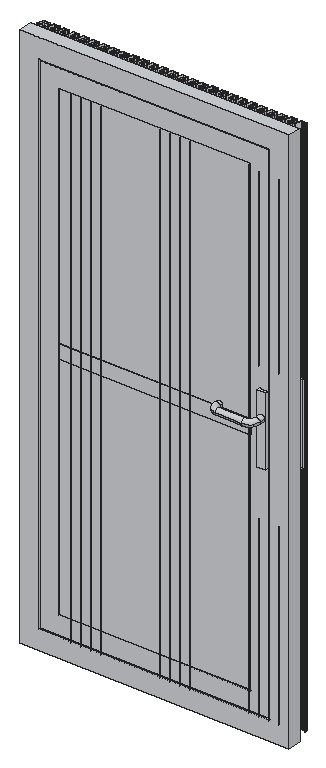
Revit family "NLRS_31_DO_WB_VS27 enkele deur-AV_jazo_jazo", category Doors, host Wall, Revit 2020 (continued)
Definition of nested family "NLRS_31_GM_UN_scharnier aluminium HS27R-AV"
  Automatic sketch dimensions
    Extrusion 3 sketch curve to Extrusion 3 sketch curve = 0 mm  (x2)
    plane 1 "Center (Front/Back)" to Extrusion 3 sketch curve = 0 mm
    Extrusion 3 sketch curve to plane 5 "voorkant kozijn" = 0 mm
    plane 1 "Center (Front/Back)" to Extrusion 3 sketch curve = 3.367 mm
    Extrusion 3 sketch curve to Extrusion 3 sketch curve = 0.707 mm  (x2)
    Extrusion 3 sketch curve to Extrusion 3 sketch curve = 3.236 mm
    Extrusion 3 sketch curve to plane 3 "Center (Left/Right)" = 0.492 mm
    plane 1 "Center (Front/Back)" to Extrusion 3 sketch curve = 12.49 mm
    plane 5 "voorkant kozijn" to Extrusion 3 sketch curve = 1 mm  (x2)
    Extrusion 3 sketch curve to Extrusion 3 sketch curve = 2.5 mm
    Extrusion 3 sketch curve to plane 3 "Center (Left/Right)" = 9.756 mm
    Extrusion 3 sketch curve to Extrusion 3 sketch curve = 8 mm
    plane 3 "Center (Left/Right)" to Extrusion 3 sketch curve = 0.008 mm
    Extrusion 3 sketch curve to Extrusion 3 sketch curve = 0.269 mm
    plane 3 "Center (Left/Right)" to Extrusion 3 sketch curve = 3.708 mm
    Extrusion 4 sketch curve to plane 3 "Center (Left/Right)" = 0 mm
    Extrusion 4 sketch curve to plane 5 "voorkant kozijn" = 0 mm
    plane 5 "voorkant kozijn" to Extrusion 4 sketch curve = 1 mm  (x2)
    plane 1 "Center (Front/Back)" to Extrusion 4 sketch curve = 14.314 mm
    Extrusion 4 sketch curve to Extrusion 4 sketch curve = 0.378 mm
    Extrusion 4 sketch curve to Extrusion 4 sketch curve = 3.314 mm
    Extrusion 4 sketch curve to Extrusion 4 sketch curve = 3.536 mm  (x2)
    Extrusion 4 sketch curve to plane 1 "Center (Front/Back)" = 0 mm
    plane 3 "Center (Left/Right)" to Extrusion 4 sketch curve = 5.551 mm
    Extrusion 4 sketch curve to Extrusion 4 sketch curve = 3.914 mm
    Extrusion 4 sketch curve to Extrusion 4 sketch curve = 6 mm
    plane 3 "Center (Left/Right)" to Extrusion 4 sketch curve = 3.7 mm
    Extrusion 4 sketch curve to Extrusion 4 sketch curve = 0 mm
    Extrusion 5 sketch curve to plane 5 "voorkant kozijn" = 0 mm
    plane 5 "voorkant kozijn" to Extrusion 5 sketch curve = 1 mm  (x2)
    plane 1 "Center (Front/Back)" to Extrusion 5 sketch curve = 14.314 mm
    Extrusion 5 sketch curve to Extrusion 5 sketch curve = 0.378 mm
    Extrusion 5 sketch curve to Extrusion 5 sketch curve = 3.314 mm
    Extrusion 5 sketch curve to Extrusion 5 sketch curve = 3.536 mm  (x2)
    Extrusion 5 sketch curve to plane 1 "Center (Front/Back)" = 0 mm
    Extrusion 5 sketch curve to plane 3 "Center (Left/Right)" = 0.003 mm
    plane 3 "Center (Left/Right)" to Extrusion 5 sketch curve = 5.548 mm
    Extrusion 5 sketch curve to Extrusion 5 sketch curve = 3.914 mm
    Extrusion 5 sketch curve to Extrusion 5 sketch curve = 6 mm
    plane 3 "Center (Left/Right)" to Extrusion 5 sketch curve = 3.698 mm
    Extrusion 5 sketch curve to Extrusion 5 sketch curve = 0 mm
    radius of Extrusion 1 sketch curve = 10 mm
    radius of Extrusion 2 sketch curve = 10 mm
Definition of nested family "NLRS_31_GM_UN_aluminium kozijn VS-AV"
  Parameters (values of type "aluminium kozijn")
    URL = "www.jazo.com"
    NLRS_C_zichtbaar_01 = yes
    NLRS_C_materiaal = none
    NLRS_C_hoogte = 1850 mm
    NLRS_C_diepte = 60 mm
    NLRS_C_breedte = 850 mm
    Model = "Aluminium kozijn"
    Manufacturer = "JAZO Zevenaar bv"
    Description = "Aluminium kozijn"
    Default Elevation = 0 mm
    Assembly Code = "23.30.10.11.11"
  Reference planes
    plane 1 "Center (Front/Back)": y = 0
    plane 2 "Bottom": z = 0
    plane 3 "Center (Left/Right)": x = 0
    plane 4 "Left": x = -425
    plane 5 "Right": x = 425
    plane 6 "Top": z = 1850
    plane 7 "voorkant kozijn": y = 30
    plane 8 "offset": y = 0
    plane 9 "achterkant kozijn": y = -30
    plane 10 "offset links 1": x = -405
    plane 11 "offset boven": z = 1830
    plane 12 "offset rechts 1": x = 405
    plane 13 "offset links 2": x = -373
    plane 14 "offset rechts 2": x = 373
  Forms (mm)
    Sweep 1, solid, material <- "NLRS_C_materiaal", visible <- "NLRS_C_zichtbaar_01"
      path origin (0, 0, 0) x (1, 0, 0) y (0, 0, 1)
        loop
          line (-425, 0) -> (425, 0) -> (425, 1850) -> (-425, 1850) -> (-425, 0)
      profile origin (0, 0, 0) x (0, 0, 1) y (0, -1, 0)
        loop
          line (0, 30) -> (0, -30) -> (20, -30) -> (20, 4.5) -> (52, 4.5) -> (52, 30) -> (0, 30)
  Lines and regions (mm)
    symbolic lines, visible <- "NLRS_C_zichtbaar_01"
      curve 1: line (-373, -30, 0) -> (373, -30, 0)
      curve 2: line (-405, 30, 0) -> (405, 30, 0)
      curve 3: line (0, 30, 1830) -> (0, 30, 20)
      curve 4: line (0, -30, 52) -> (0, -30, 1798)
      curve 5: line (-373, -4.5, 0) -> (373, -4.5, 0)
  Dimensions and locks
    "NLRS_C_hoogte": plane 6 "Top" to plane 2 "Bottom"
    "NLRS_C_breedte": plane 4 "Left" to plane 5 "Right"
    equal spacing: plane 4 "Left", plane 3 "Center (Left/Right)", plane 5 "Right"
    "NLRS_C_diepte": plane 7 "voorkant kozijn" to plane 9 "achterkant kozijn"
    equal spacing: plane 7 "voorkant kozijn", plane 1 "Center (Front/Back)", plane 9 "achterkant kozijn"
    locked: plane 4 "Left" to plane 10 "offset links 1" at 20
    locked: plane 6 "Top" to plane 11 "offset boven" at 20
    plane 12 "offset rechts 1" to plane 5 "Right" = 20 mm
    locked: plane 10 "offset links 1" to plane 13 "offset links 2" at 32
    locked: plane 14 "offset rechts 2" to plane 12 "offset rechts 1" at 32
    aligned and locked: level to plane 2 "Bottom"
    aligned and locked: plane 9 "achterkant kozijn" to nested 3
    aligned and locked: nested 4 to plane 9 "achterkant kozijn"
    aligned and locked: nested 1 to plane 9 "achterkant kozijn"
    aligned and locked: plane 9 "achterkant kozijn" to nested 2
    aligned and locked: Sweep 1 sketch curve to plane 6 "Top"
    aligned and locked: plane 5 "Right" to Sweep 1 sketch curve
    aligned and locked: Sweep 1 sketch curve to plane 4 "Left"
    aligned and locked: level to Sweep 1 sketch curve
    aligned and locked: plane 5 "Right" to nested 2
    aligned and locked: plane 4 "Left" to nested 1
    aligned and locked: plane 6 "Top" to nested 3
    aligned and locked: plane 2 "Bottom" to nested 4
    aligned and locked: curve 1 to plane 9 "achterkant kozijn"
    aligned and locked: curve 2 to plane 7 "voorkant kozijn"
    aligned and locked: plane 7 "voorkant kozijn" to curve 3
    aligned and locked: curve 4 to plane 9 "achterkant kozijn"
  Automatic sketch dimensions
    Sweep 1 sketch curve to profile plane = 0 mm
    plane 1 "Center (Front/Back)" to Sweep 1 sketch curve = 4.5 mm
    Sweep 1 sketch curve to Sweep 1 sketch curve = 20 mm
    Sweep 1 sketch curve to Sweep 1 sketch curve = 32 mm
    Sweep 1 sketch curve to plane 1 "Center (Front/Back)" = 30 mm
    plane 1 "Center (Front/Back)" to Sweep 1 sketch curve = 30 mm
    level to curve 3 = 20 mm
    level to curve 4 = 52 mm
    curve 4 to plane 11 "offset boven" = 32 mm
    curve 3 to plane 11 "offset boven" = 0 mm
    curve 2 to plane 10 "offset links 1" = 0 mm
    curve 5 to plane 13 "offset links 2" = 0 mm
    curve 1 to plane 13 "offset links 2" = 0 mm
    curve 5 to plane 14 "offset rechts 2" = 0 mm
    curve 1 to plane 14 "offset rechts 2" = 0 mm
    curve 2 to plane 12 "offset rechts 1" = 0 mm
    plane 1 "Center (Front/Back)" to curve 5 = 4.5 mm
  Nested families
    nested 1: "NLRS_31_DI_UN_alu kozijn detail" at (-425, 30, 0), visible <- "NLRS_C_zichtbaar_01", type "alu kozijn detail"
    nested 2: "NLRS_31_DI_UN_alu kozijn detail" at (425, 30, 0) x (-1, 0, 0) z (0, 0, 1), visible <- "NLRS_C_zichtbaar_01", type "alu kozijn detail"
    nested 3: "NLRS_31_DI_UN_alu kozijn detail" at (0, 30, 1850) x (0, 0, -1) z (1, 0, 0), visible <- "NLRS_C_zichtbaar_01", type "alu kozijn detail"
    nested 4: "NLRS_31_DI_UN_alu kozijn detail" at (0, 30, 0) x (0, 0, 1) z (1, 0, 0), visible <- "NLRS_C_zichtbaar_01", type "alu kozijn detail"
  Definition of nested family "NLRS_31_DI_UN_alu kozijn detail"
    Parameters (values of type "alu kozijn detail")
      URL = "www.jazo.com"
      Manufacturer = "Jazo Zevenaar BV"
      Description = "Aluminium kozijn detail"
      Assembly Code = "23.30.10.11.11"
    Reference planes
      plane 1 "Center (Front/Back)": y = 0
      plane 2: z = 0
      plane 3 "Center (Left/Right)": x = 0
    Lines and regions (mm)
      detail lines, in view "Ref. Level"
        curve 1: line (16.3, 18, 0) -> (16.3, 30, 0)
        curve 2: line (16.3, 30, 0) -> (18, 31.7, 0)
        curve 3: line (18, 31.7, 0) -> (18, 35.5, 0)
        curve 4: arc (18, 35.5, 0) -> (18.293, 36.207, 0) -> (19, 36.5, 0) r 1
        curve 5: line (19, 36.5, 0) -> (39.6, 36.5, 0)
        curve 6: line (39.6, 36.5, 0) -> (39.6, 38.3, 0)
        curve 7: arc (39.6, 38.3, 0) -> (39.893, 39.007, 0) -> (40.6, 39.3, 0) r 1
        curve 8: line (40.6, 39.3, 0) -> (50, 39.3, 0)
        curve 9: line (50, 39.3, 0) -> (50, 54.5, 0)
        curve 10: line (50, 54.5, 0) -> (48, 54.5, 0)
        curve 11: line (48, 54.5, 0) -> (48, 56, 0)
        curve 12: line (48, 56, 0) -> (50, 56, 0)
        curve 13: line (50, 56, 0) -> (50, 58, 0)
        curve 14: line (50, 58, 0) -> (18.3, 58, 0)
        curve 15: line (18.3, 58, 0) -> (18.3, 56, 0)
        curve 16: line (18.3, 56, 0) -> (20.3, 56, 0)
        curve 17: line (20.3, 56, 0) -> (20.3, 54.5, 0)
        curve 18: line (20.3, 54.5, 0) -> (18.3, 54.5, 0)
        curve 19: line (18.3, 54.5, 0) -> (18.3, 52, 0)
        curve 20: arc (18.3, 52, 0) -> (17.3, 51, 0) -> (16.3, 52, 0) r 1
        curve 21: line (16.3, 52, 0) -> (16.3, 58, 0)
        curve 22: line (16.3, 58, 0) -> (4, 58, 0)
        curve 23: line (4, 58, 0) -> (4, 48, 0)
        curve 24: line (4, 48, 0) -> (5.7, 47.019, 0)
        curve 25: line (5.7, 47.019, 0) -> (5.7, 38.1, 0)
        curve 26: line (5.7, 38.1, 0) -> (4, 37.119, 0)
        curve 27: line (4, 37.119, 0) -> (4, 29.491, 0)
        curve 28: line (4, 29.491, 0) -> (5.7, 28.51, 0)
        curve 29: line (5.7, 28.51, 0) -> (5.7, 12.981, 0)
        curve 30: line (5.7, 12.981, 0) -> (4, 12, 0)
        curve 31: line (4, 12, 0) -> (4, 4.5, 0)
        curve 32: line (4, 4.5, 0) -> (5.7, 3.519, 0)
        curve 33: line (5.7, 3.519, 0) -> (5.7, 2, 0)
        curve 34: line (5.7, 2, 0) -> (16.3, 2, 0)
        curve 35: line (16.3, 2, 0) -> (16.3, 9, 0)
        curve 36: line (16.3, 9, 0) -> (18, 9.981, 0)
        curve 37: line (18, 9.981, 0) -> (18, 16.3, 0)
        curve 38: line (18, 16.3, 0) -> (16.3, 18, 0)
        curve 39: line (42.724, 34.5, 0) -> (20, 34.5, 0)
        curve 40: line (20, 34.5, 0) -> (20, 25, 0)
        curve 41: line (20, 34.5, 0) -> (20, 0, 0)
        curve 42: line (20, 0, 0) -> (0, 0, 0)
        curve 43: line (0, 0, 0) -> (0, 2, 0)
        curve 44: line (0, 2, 0) -> (2, 2, 0)
        curve 45: line (2, 2, 0) -> (2, 12, 0)
        curve 46: line (2, 12, 0) -> (0, 12, 0)
        curve 47: line (0, 12, 0) -> (0, 14, 0)
        curve 48: line (0, 14, 0) -> (2, 14, 0)
        curve 49: line (2, 14, 0) -> (2, 46, 0)
        curve 50: line (2, 46, 0) -> (0, 46, 0)
        curve 51: line (0, 46, 0) -> (0, 48, 0)
        curve 52: line (0, 48, 0) -> (2, 48, 0)
        curve 53: line (2, 48, 0) -> (2, 58, 0)
        curve 54: line (2, 58, 0) -> (0, 58, 0)
        curve 55: line (0, 58, 0) -> (0, 60, 0)
        curve 56: line (0, 60, 0) -> (52, 60, 0)
        curve 57: line (52, 60, 0) -> (52, 34.5, 0)
        curve 58: line (52, 34.5, 0) -> (48.876, 34.5, 0)
        curve 59: line (42.724, 34.5, 0) -> (20, 34.5, 0)
        curve 60: line (41.6, 35.5, 0) -> (43, 35.5, 0)
        curve 61: line (41.6, 37.3, 0) -> (41.6, 35.5, 0)
        curve 62: line (50, 37.3, 0) -> (41.6, 37.3, 0)
        curve 63: line (50, 35.5, 0) -> (50, 37.3, 0)
        curve 64: line (48.6, 35.5, 0) -> (50, 35.5, 0)
        curve 65: arc (42.724, 34.5, 0) -> (43.243, 34.895, 0) -> (43, 35.5, 0) r 0.538
        curve 66: arc (48.876, 34.5, 0) -> (48.357, 34.895, 0) -> (48.6, 35.5, 0) r 0.538
Definition of nested family "NLRS_31_DI_UN_beslagbak detail VS27"
  Parameters (values of type "beslagbak detail VS27")
    URL = "www.jazo.com"
    Manufacturer = "JAZO Zevenaar bv"
    JAZO_C_opbouwrooster VS27 = yes
    JAZO_C_forster presto kozijn = yes
    JAZO_C_aluminium kozijn = no
    Description = "beslagbak detail VS27"
  Reference planes
    plane 1 "Center (Front/Back)": y = 0
    plane 2: z = 0
    plane 3 "Center (Left/Right)": x = 0
    plane 4 "offset rechts": x = 84.4
    plane 5 "alu": y = -70.992
    plane 6 "st": y = -90.992
  Lines and regions (mm)
    Filled region 1, type "Solid Fill - White", in view "Ref. Level", visible <- "JAZO_C_aluminium kozijn"
      outline origin (0, 41.508, 0) x (1, 0, 0) y (0, 1, 0)
        loop
          line (11, -124.5) -> (16, -124.5) -> (16, -112.5) -> (-16, -112.5) -> (-16, -124.5) -> (-11, -124.5) -> (-11, -146.5)
          arc (-11, -146.5) -> (-15.027, -156.222) -> (-24.749, -160.249) r 13.749
          line (-24.749, -160.249) -> (-120.749, -160.249)
          arc (-120.749, -160.249) -> (-130.471, -156.222) -> (-134.497, -146.5) r 13.749
          line (-134.497, -146.5) -> (-134.497, -135.5) -> (-156.497, -135.5) -> (-156.497, -146.5)
          arc (-156.497, -146.5) -> (-146.027, -171.778) -> (-120.749, -182.249) r 35.749
          line (-120.749, -182.249) -> (-24.749, -182.249)
          arc (-24.749, -182.249) -> (0.529, -171.778) -> (11, -146.5) r 35.749
          line (11, -146.5) -> (11, -124.5)
    Filled region 2, type "Solid Fill - White", in view "Ref. Level", visible <- "JAZO_C_forster presto kozijn"
      outline origin (0, 21.508, 0) x (1, 0, 0) y (0, 1, 0)
        loop
          line (11, -124.5) -> (16, -124.5) -> (16, -112.5) -> (-16, -112.5) -> (-16, -124.5) -> (-11, -124.5) -> (-11, -146.5)
          arc (-11, -146.5) -> (-15.027, -156.222) -> (-24.749, -160.249) r 13.749
          line (-24.749, -160.249) -> (-120.749, -160.249)
          arc (-120.749, -160.249) -> (-130.471, -156.222) -> (-134.497, -146.5) r 13.749
          line (-134.497, -146.5) -> (-134.497, -135.5) -> (-156.497, -135.5) -> (-156.497, -146.5)
          arc (-156.497, -146.5) -> (-146.027, -171.778) -> (-120.749, -182.249) r 35.749
          line (-120.749, -182.249) -> (-24.749, -182.249)
          arc (-24.749, -182.249) -> (0.529, -171.778) -> (11, -146.5) r 35.749
          line (11, -146.5) -> (11, -124.5)
    Filled region 3, type "Solid Fill - White", in view "Ref. Level", visible <- "JAZO_C_opbouwrooster VS27"
      outline origin (0, 41.508, 0) x (1, 0, 0) y (0, 1, 0)
        loop
          line (-25, -25.5) -> (-11, -25.5) -> (-11, -55.5) -> (-16, -55.5) -> (-16, -67.5) -> (16, -67.5) -> (16, -55.5) -> (11, -55.5) -> (11, -25.5) -> (25, -25.5) -> (25, -9.5) -> (-25, -9.5) -> (-25, -25.5)
    Filled region 4, type "Solid Fill - White", in view "Ref. Level"
      outline origin (0, 25.992, 0) x (1, 0, 0) y (0, 1, 0)
        loop
          arc (82.199, -26.756) -> (81.841, -26.222) -> (81.233, -25.992) r 1
          line (81.233, -25.992) -> (62.767, -26.015)
          arc (62.767, -26.015) -> (62.159, -26.222) -> (61.801, -26.756) r 1
          line (61.801, -26.756) -> (59.326, -35.995) -> (48.674, -35.995) -> (46.199, -26.756)
          arc (46.199, -26.756) -> (45.841, -26.222) -> (45.233, -25.992) r 1
          line (45.233, -25.992) -> (26.767, -26.015)
          arc (26.767, -26.015) -> (26.159, -26.222) -> (25.801, -26.756) r 1
          line (25.801, -26.756) -> (23.326, -35.995) -> (12.674, -35.995) -> (10.199, -26.756)
          arc (10.199, -26.756) -> (9.841, -26.222) -> (9.233, -25.992) r 1
          line (9.233, -25.992) -> (-9.233, -26.015)
          arc (-9.233, -26.015) -> (-9.841, -26.222) -> (-10.199, -26.756) r 1
          line (-10.199, -26.756) -> (-12.673, -35.992) -> (-23.327, -35.992) -> (-25.801, -26.756)
          arc (-25.801, -26.756) -> (-26.159, -26.222) -> (-26.767, -25.992) r 1
          line (-26.767, -25.992) -> (-45.233, -26.015)
          arc (-45.233, -26.015) -> (-45.841, -26.222) -> (-46.199, -26.756) r 1
          line (-46.199, -26.756) -> (-48.673, -35.992) -> (-74.864, -35.992) -> (-74.864, -56.015) -> (57.825, -56.015) -> (59.648, -49.21) -> (65.381, -27.815) -> (80.619, -27.815) -> (82.638, -35.352)
          arc (82.638, -35.352) -> (83.74, -35.988) -> (84.377, -34.886) r 0.9
          line (84.377, -34.886) -> (82.199, -26.756)
    detail lines, in view "Ref. Level", visible <- "JAZO_C_aluminium kozijn"
      curve 1: line (-16, -82.992, 0) -> (16, -82.992, 0)
    detail lines, in view "Ref. Level", visible <- "JAZO_C_forster presto kozijn"
      curve 2: line (-16, -102.992, 0) -> (16, -102.992, 0)
    detail lines, in view "Ref. Level", visible <- "JAZO_C_opbouwrooster VS27"
      curve 3: line (-11, 16.008, 0) -> (11, 16.008, 0)
      curve 4: line (-11, -13.992, 0) -> (11, -13.992, 0)
    detail lines, in view "Ref. Level"
      curve 5: line (55.042, -25.992, 0) -> (-70.864, -25.992, 0)
      curve 6: line (-70.864, -10, 0) -> (-70.864, -25.992, 0)
      curve 7: line (55.042, -25.992, 0) -> (59.415, -9.67, 0)
  Dimensions and locks
    locked: plane 3 "Center (Left/Right)" to plane 4 "offset rechts" at 84.4
    locked: plane 5 "alu" to plane 1 "Center (Front/Back)" at 70.992
    locked: plane 5 "alu" to plane 6 "st" at 20
Definition of nested family "NLRS_31_GM_UN_door swing"
  Parameters (values of type "door swing")
    URL = "www.jazo.com"
    NLRS_C_hoek [instance] = 50.00°
    NLRS_C_breedte [instance] = 1000 mm
    Model = "Door swing"
    Manufacturer = "JAZO Zevenaar bv"
    Description = "Door swing"
    Default Elevation = 0 mm
  Reference planes
    plane 1 "Center (Front/Back)": y = 0
    plane 2: z = 0
    plane 3 "Center (Left/Right)": x = 0
    plane 4 "Left": x = -1000
  Lines and regions (mm)
    reference lines
      curve 1: line (0, 0, 0) -> (-642.788, 766.044, 0)
    model lines
      curve 2: line (0, 0, 0) -> (-642.788, 766.044, 0)
      curve 3: arc (-1000, 0, 0) -> (-906.308, 422.618, 0) -> (-642.788, 766.044, 0) r 1000
  Dimensions and locks
    "NLRS_C_breedte": plane 4 "Left" to plane 3 "Center (Left/Right)"
    "NLRS_C_breedte": curve 1 to curve 1
    "NLRS_C_hoek": angle curve 1 to plane 1 "Center (Front/Back)"
    aligned and locked: level to plane 2
    aligned and locked: plane 3 "Center (Left/Right)" to curve 1
    aligned and locked: plane 1 "Center (Front/Back)" to curve 1
    aligned and locked: curve 2 to curve 1
    aligned and locked: plane 3 "Center (Left/Right)" to curve 3
    aligned and locked: plane 1 "Center (Front/Back)" to curve 3  (x2)
    aligned and locked: curve 1 to curve 3
    aligned and locked: plane 4 "Left" to curve 3
  Automatic sketch dimensions
    plane 1 "Center (Front/Back)" to curve 2 = 0 mm
Definition of nested family "NLRS_31_GA_UN_error message paniekfunctie"
  Parameters (values of type "error message")
    NLRS_C_zichtbaar_01 = if(and(JAZO_C_paniekfunctie, JAZO_C_ventilerend, NLRS_C_inbraakwerend), 1 < 2, 2 < 1)  # yes
    NLRS_C_inbraakwerend = yes
    JAZO_C_ventilerend = yes
    JAZO_C_paniekfunctie = yes
  Reference planes
    plane 1: y = 0
    plane 2: x = 0
  Lines and regions (mm)
    Filled region 1, type "Zwart", not visible
      outline origin (253.64, 140.595, 0) x (1, 0, 0) y (0, 1, 0)
        loop
          line (134.592, 287.146) -> (41.891, 131.062)
          arc (41.891, 131.062) -> (41.863, 128.047) -> (44.47, 126.53) r 3
          line (44.47, 126.53) -> (229.873, 126.53)
          arc (229.873, 126.53) -> (232.48, 128.047) -> (232.452, 131.062) r 3
          line (232.452, 131.062) -> (139.751, 287.146)
          arc (139.751, 287.146) -> (137.171, 288.614) -> (134.592, 287.146) r 3
        loop
          line (62.04, 139.53) -> (212.303, 139.53) -> (137.171, 266.031) -> (62.04, 139.53)
    Filled region 2, type "Geel", not visible
      outline origin (253.64, 140.595, 0) x (1, 0, 0) y (0, 1, 0)
        loop
          line (62.04, 139.53) -> (212.303, 139.53) -> (137.171, 266.031) -> (62.04, 139.53)
    Filled region 3, type "Zwart", not visible
      outline origin (253.64, 140.595, 0) x (1, 0, 0) y (0, 1, 0)
        loop
          line (127.78, 234.406) -> (132.476, 171.156) -> (141.867, 171.156) -> (146.563, 234.406) -> (127.78, 234.406)
        loop
          circle (137.171, 160.994) r 7.044
    Filled region 4, type "Rood 2", visible <- "NLRS_C_zichtbaar_01"
      outline origin (0, 0, 0) x (1, 0, 0) y (0, 1, 0)
        loop
          line (-50, 14) -> (-50, -14) -> (50, -14) -> (50, 14) -> (-50, 14)
  Text (mm)
    text "De combinatie tussen inbraakwerend, ventilerend en paniekfunctie kan niet worden toegepast.\n1 van deze onderdelen moet worden uitgezet.\nVoor specificaties of mogelijkheden, neem contact op. " at (-0.015, -2.617, 0), visible <- "NLRS_C_zichtbaar_01"
    text "Error: paniekfunctie" at (-1.89, 5.965, 0), visible <- "NLRS_C_zichtbaar_01"
  Dimensions and locks
    equal spacing: Filled region 4 sketch curve, plane 1, Filled region 4 sketch curve
    Filled region 4 sketch curve to Filled region 4 sketch curve = 28 mm
    plane 1 to Filled region 4 sketch curve = 14 mm
    equal spacing: Filled region 4 sketch curve, plane 2, Filled region 4 sketch curve
    Filled region 4 sketch curve to plane 2 = 50 mm
